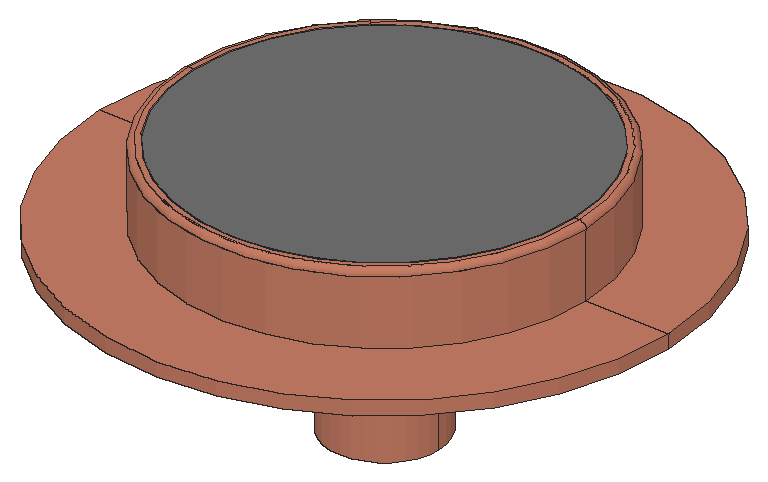
Revit family
Parameters (values of type "2110-02")
  Weight (lb) = 18.36
  Waste Connection = no
  Warranty = "1 year material and workmanship"  # constant formula
  Vent Connection = no
  URL = "http://www.jrsmith.com"
  Threaded = yes
  Technical and Installation = "http://www.jrsmith.com/products/floor/tech_data_index.htm"
  SmartBIM Object Version = 3  # constant formula
  SmartBIM Object Created By = "Reed Construction Data"  # constant formula
  Push On = yes
  Product URL = "http://www.jrsmith.com/products/floor/submittal/d2110.pdf"
  Pipe Radius = Pipe Diameter / 2  # 1"
  Pipe Diameter = 2"
  Outlet Diameter = "2\""
  OmniClass Title = "Sanitary Drains"  # constant formula
  OmniClass Code = "22-22 13 19 13"  # constant formula
  No Hub = yes
  Model = "2110"  # constant formula
  Material Finish = Duco Coated
  Material = Cast Iron
  Manufacturer = "Jay R. Smith Mfg. Co. "  # constant formula
  Free Area (sq. in) = "14.25"  # constant formula
  Flow Rate = ""
  Description = "Duco cast iron body and flashing collar with cast iron bar grate"  # constant formula
  Default Elevation = 0"  # constant formula
  Connection Type = ""
  Caulk = yes
  B = 3 3/4"
  Assembly Code = "D2030300"
  95 CSI = "15155"  # constant formula
  04 CSI = "22 13 19"  # constant formula
Types (4): name | Weight (lb) | Pipe Radius | Pipe Diameter | Outlet Diameter
  2110-02 | 18.36 | 1" | 2" | "2\""
  2110-03 | 16.51 | 1 1/2" | 3" | "3\""
  2110-04 | 16.72 | 2" | 4" | "4\""
  2110-06 | 17.41 | 3" | 6" | "6\""
Reference planes (in)
  plane 1 "Center (Front/Back)": y = 0
  plane 2: z = -0.02307
  plane 3 "Center (Left/Right)": x = 0
  plane 4: z = 0.125
  plane 5: z = -3.60193
  plane 6: x = -1
  plane 7: x = 1
  plane 8: x = -6
  plane 9: x = 6
  plane 10: x = 2
  plane 11: x = -4.25
  plane 12: x = 4.25
Dimensions and locks (in)
  equal spacing: plane 7, plane 3 "Center (Left/Right)", plane 6
  plane 8 to plane 9 = 12"
  "Pipe Radius": plane 7 to plane 3 "Center (Left/Right)"
  plane 7 to plane 10 = 1"
  plane 11 to plane 12 = 8 1/2"
  locked: plane 4 to level at 0.125
  aligned and locked: plane 3 "Center (Left/Right)" to nested 1
  aligned and locked: plane 1 "Center (Front/Back)" to nested 1
  aligned and locked: plane 4 to nested 1
Nested families (in)
  nested 1: "2110_JRSmith" at (0, 0, -1.64807), type "2110-06"
Connectors (in)
  piping at (0, 0, -5.25), driven by "Pipe Radius"
    settings: on nested 1, index 1
Definition of nested family "2110_JRSmith"
  Parameters (values of type "2110-06")
    Weight (lb) = 17.41
    Waste Connection = no
    Warranty = "1 year material and workmanship"  # constant formula
    Vent Connection = no
    URL = "http://www.jrsmith.com"
    Threaded = yes
    Technical and Installation = "http://www.jrsmith.com/products/floor/tech_data_index.htm"
    SmartBIM Object Version = 3  # constant formula
    SmartBIM Object Created By = "Reed Construction Data"  # constant formula
    Push On = yes
    Product URL = "http://www.jrsmith.com/products/floor/submittal/d2110.pdf"
    Pipe Radius = Pipe Diameter / 2  # 3"
    Pipe Diameter = 6"
    Outlet Diameter = "6\""
    OmniClass Title = "Sanitary Drains"  # constant formula
    OmniClass Code = "22-22 13 19 13"  # constant formula
    No Hub = yes
    Model = "2110"  # constant formula
    Material Finish = Duco Coated
    Material = Cast Iron
    Manufacturer = "Jay R. Smith Mfg. Co. "  # constant formula
    Free Area (sq. in) = "14.25"  # constant formula
    Flow Rate = ""
    Description = "Duco cast iron body and flashing collar with cast iron bar grate"  # constant formula
    Default Elevation = 0"  # constant formula
    Connection Type = ""
    Caulk = yes
    B = 3 3/4"
    Assembly Code = "D2030300"
    95 CSI = "15155"  # constant formula
    04 CSI = "22 13 19"  # constant formula
  Reference planes (in)
    plane 1 "Center (Front/Back)": y = 0
    plane 2: z = 0
    plane 3 "Center (Left/Right)": x = 0
    plane 4: z = 0.14807
    plane 5: z = -3.60193
    plane 6: x = -3
    plane 7: x = 3
    plane 8: x = 6
    plane 9: z = 1.77307
    plane 10: x = -6
    plane 11: x = 6
    plane 12: x = 4.25
    plane 13: x = 4
    plane 14: x = -4.25
    plane 15: x = 4.25
  Forms (in)
    Revolve 1, solid, material "Cast Iron" <- "Material"
      sketch origin (0, 0, 0) x (1, 0, 0) y (0, 0, 1)
        loop
          line (6, 0) -> (6, 0.29651) -> (4.25, 0.29651) -> (4.25, 1.64807)
          arc (4.25, 1.64807) -> (4.21265, 1.73823) -> (4.12249, 1.77558) r 0.12751
          line (4.12249, 1.77558) -> (4.01824, 1.77558) -> (4.01824, 1.56377) -> (3.7915, 1.56377) -> (3.7915, 1.38063) -> (4.00952, 1.38063) -> (4.00952, -0.67264) -> (3, -0.67264) -> (3, -3.60193) -> (3.15546, -3.60193) -> (3.15546, -0.82736) -> (4.25, -0.82736) -> (4.25, -0.40947) -> (6, 0)
        axis (0, 1.77558) -> (0, -3.60193)
      angle from 0 to 360
    Extrusion 2, solid, material "Duco Coated" <- "Material Finish"
      sketch origin (0, 0, 0) x (1, 0, 0) y (0, 1, 0)
        loop
          circle (0, 0) r 4
      from 1.56377 to 1.77307
  Dimensions and locks (in)
    locked: plane 4 to plane 2 at 0.14807
    "B": plane 4 to plane 5
    equal spacing: plane 7, plane 3 "Center (Left/Right)", plane 6
    locked: Revolve 1 sketch curve to Revolve 1 sketch curve at 0.15546
    plane 10 to plane 11 = 12"
    plane 9 to plane 4 = 1 5/8"
    plane 8 to plane 12 to Revolve 1 sketch curve to Revolve 1 sketch curve = 1 3/4" locked, 0.24048" locked, 0.21802" locked
    "Pipe Radius": plane 7 to plane 3 "Center (Left/Right)"
    plane 7 to plane 13 = 1"
    plane 14 to plane 15 = 8 1/2"
    aligned and locked: Revolve 1 sketch curve to plane 5
    aligned and locked: plane 7 to Revolve 1 sketch curve
    aligned and locked: Revolve 1 sketch curve to plane 12  (x2)
  Automatic sketch dimensions
    Extrusion 2 sketch curve to plane 1 "Center (Front/Back)" = 0"
    Extrusion 2 sketch curve to plane 3 "Center (Left/Right)" = 0"
    Revolve 1 sketch curve to plane 3 "Center (Left/Right)" = 0"
    Revolve 1 sketch curve to level = 0"
    Revolve 1 sketch curve to plane 8 = 0"
    Revolve 1 sketch curve to plane 9 = 0.00251"
    Revolve 1 sketch curve to plane 12 = 0.23176"
    Revolve 1 sketch curve to Revolve 1 sketch curve = 0.10425"
    Revolve 1 sketch curve to level = 0.94029"
    Revolve 1 sketch curve to Revolve 1 sketch curve = 0.26317"
    Revolve 1 sketch curve to plane 4 = 19/128"
    Revolve 1 sketch curve to Revolve 1 sketch curve = 0.26744"
    plane 9 to Revolve 1 sketch curve = 0.22947"
    Revolve 1 sketch curve to Revolve 1 sketch curve = 0.18314"
    Revolve 1 sketch curve to Revolve 1 sketch curve = 0"
    Revolve 1 sketch curve to level = 0.82736"
    Revolve 1 sketch curve to Revolve 1 sketch curve = 0.15472"
    radius of Extrusion 2 sketch curve = 4"
